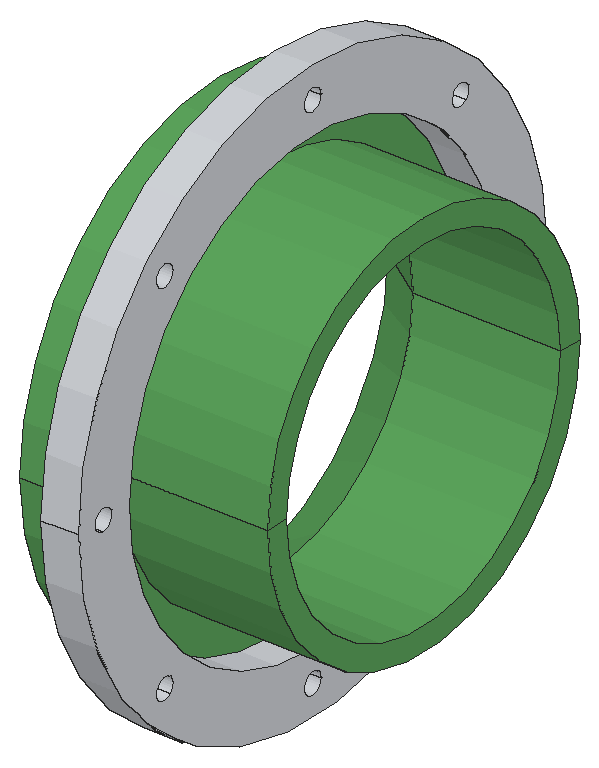
Revit family "Aquatherm_Соединительная втулка с фланцем PN6_2", category Соединительные детали трубопроводов, Revit 2019
Family settings
  Размер круглого соединителя = Использовать диаметр
  Тип детали = Соединение
  На основе рабочей плоскости = Нет
  Всегда вертикально = Да
  При загрузке вырезать с полостями = Нет
  Общий = Нет
Parameters (values of type "SDR 11")
  Материал_Фланец = AquaTherm сталь pipe
  Материал_Корпус = AquaTherm green pipe
  n [instance] = N / 1 mm  # 8
  l1 [instance] = size_lookup("Соединительная втулка с фланцем PN6_2", "l1", l + 5 mm, d)  # 24 mm
  d2 [instance] = D - 2 mm * 14  # 347 mm
  d1 [instance] = size_lookup("Соединительная втулка с фланцем PN6_2", "d1", D + 30 mm, d)  # 335 mm
  URL = "www.agpipe.ru"
  SDR = 11 mm
  N [instance] = size_lookup("Соединительная втулка с фланцем PN6_2", "N", 4 mm, d)  # 8 mm
  L [instance] = size_lookup("Соединительная втулка с фланцем PN6_2", "L", 50 mm, d)  # 130 mm
  D [instance] = size_lookup("Соединительная втулка с фланцем PN6_2", "D", d * 2, d)  # 375 mm
  l [instance] = size_lookup("Соединительная втулка с фланцем PN6_2", "l", 15 mm, d)  # 35 mm
  d [instance] = 250 mm
  ADSK_Примечание = ""
  ADSK_Позиция [instance] = ""
  ADSK_Обозначение = ""
  ADSK_Наименование [instance] = size_lookup("Соединительная втулка с фланцем PN6_2", "ADSK_Наименование", "Нет в каталоге", d)  # "Соединительная втулка с фланцем  PN6 DN250"
  ADSK_Масса_Текст [instance] = size_lookup("Соединительная втулка с фланцем PN6_2", "ADSK_Масса_Текст", "Нет в каталоге", d)  # "9.5"
  ADSK_Код изделия [instance] = size_lookup("Соединительная втулка с фланцем PN6_2", "ADSK_Код изделия", "Нет в каталоге", d)  # "15039"
  ADSK_Завод-изготовитель = "Aquatherm"  # constant formula
  ADSK_Единица измерения = "шт."  # constant formula
Reference planes
  plane 1 "По центру (Вперед/Назад)": y = 0
  plane 2: z = 0
  plane 3 "По центру (Влево/Вправо)": x = 0
  plane 4: x = -65
  plane 5: x = 65
  plane 6: x = -30
  plane 7: x = -6
  plane 8: y = 125
  plane 9: y = -125
  plane 10: y = 173.5
  plane 11: y = -173.5
Forms (mm)
  Revolve 1, solid, material "AquaTherm green pipe" <- "Материал_Корпус"
    sketch origin (0, 0, 0) x (1, 0, 0) y (0, 1, 0)
      loop
        line (-30, 110) -> (65, 110) -> (65, 125) -> (-30, 125) -> (-30, 160.5) -> (-65, 160.5) -> (-65, 134.175) -> (-30, 110)
      axis (-65, 0) -> (65, 0)
    angle from 0 to 360
Lines and regions (mm)
  reference lines
    curve 1: line (-65, 0, 0) -> (65, 0, 0)
Dimensions and locks
  equal spacing: plane 4, plane 3 "По центру (Влево/Вправо)", plane 5
  "L": plane 4 to plane 5
  "l": plane 4 to plane 6
  "l1": plane 6 to plane 7
  equal spacing: plane 11, plane 1 "По центру (Вперед/Назад)", plane 10
  "d2": plane 11 to plane 10
  equal spacing: plane 8, plane 1 "По центру (Вперед/Назад)", plane 9
  "d": plane 8 to plane 9
  locked: Revolve 1 sketch curve to plane 10 at 13
  locked: Revolve 1 sketch curve to plane 8 at 15
  locked: Revolve 1 sketch curve to plane 10 at 39.325
  aligned and locked: level to plane 2
  aligned and locked: plane 6 to nested 1
  aligned and locked: plane 5 to Revolve 1 sketch curve
  aligned and locked: Revolve 1 sketch curve to plane 4
  aligned and locked: plane 1 "По центру (Вперед/Назад)" to Revolve 1 sketch curve
  aligned and locked: plane 5 to curve 1
  aligned and locked: plane 4 to curve 1
  aligned and locked: plane 8 to Revolve 1 sketch curve
Automatic sketch dimensions
  plane 1 "По центру (Вперед/Назад)" to curve 1 = 0 mm
  Revolve 1 sketch curve to plane 6 = 0 mm  (x2)
  Revolve 1 sketch curve to plane 4 = 45 mm
  plane 5 to Revolve 1 sketch curve = 84.5 mm
Nested families
  nested 1: "Семейство1" at (-18, 0, 0), l <- "l1", d1 <- "d1", D <- "D", n <- "n", Материал_Фланец <- "Материал_Фланец", type "Семейство1"
    with Материал_Фланец AquaTherm сталь pipe, r1 167.5 mm, n 8, l 24 mm, d3 14 mm, d2 295 mm, d1 335 mm, D 375 mm
Connectors
  piping at (-65, 0, 0), diameter 250, driven by "d"
    settings: on curve 1, index 1, connector inside diameter 609.6 mm, connector length 0 mm, flow factor 0, pipe flow 0.0 L/s, pressure drop 0.0 Pa, fitting loss kfactor 0, connector angle 0.00°, fixture units 0, engagement length 0 mm, angle of deflection 0.00°, flow configuration 0, flow direction 0, fitting loss method 0, system type 28, joint type 0, gender type 0, connector reference index 2, connector utility 0, adjustable connector no, is connector primary yes, connector description ""
  piping at (65, 0, 0), diameter 250, driven by "d"
    settings: on curve 1, index 2, connector inside diameter 609.6 mm, connector length 0 mm, flow factor 0, pipe flow 0.0 L/s, pressure drop 0.0 Pa, fitting loss kfactor 0, connector angle 0.00°, fixture units 0, engagement length 0 mm, angle of deflection 0.00°, flow configuration 0, flow direction 0, fitting loss method 0, system type 28, joint type 0, gender type 0, connector reference index 1, connector utility 0, adjustable connector no, is connector primary no, connector description ""
Definition of nested family "Семейство1"
  Parameters (values of type "Семейство1")
    Материал_Фланец [instance] = none
    r1 [instance] = d1 / 2  # 100 mm
    n [instance] = 8
    l [instance] = 55 mm
    d3 [instance] = 14 mm  # constant formula
    d2 [instance] = D - 2 * (D - d1)  # 160 mm
    d1 [instance] = 200 mm
    D [instance] = 240 mm
  Reference planes
    plane 1 "По центру (Вперед/Назад)": y = 0
    plane 2: z = 0
    plane 3 "По центру (Влево/Вправо)": x = 0
    plane 4: x = -27.5
    plane 5: x = 27.5
  Forms (mm)
    Extrusion 1, solid, material <- "Материал_Фланец"
      sketch origin (0, 0, 0) x (0, 1, 0) y (0, 0, 1)
        loop
          circle (0, 0) r 120
        loop
          circle (0, 0) r 80
      from -27.5 to 27.5
    Extrusion 2, void
      sketch origin (21.5, 0, 62.5) x (0, 1, 0) y (0, 0, 1)
        loop
          circle (0, 37.5) r 7
      from -817.124 to 1008.5
    Extrusion 3, void
      sketch origin (21.5, 44.194, 44.194) x (0, 0.707107, -0.707107) y (0, 0.707107, 0.707107)
        loop
          circle (0, 37.5) r 7
      from -817.124 to 1008.5
    Extrusion 4, void
      sketch origin (21.5, 62.5, 0) x (0, 0, -1) y (0, 1, 0)
        loop
          circle (0, 37.5) r 7
      from -817.124 to 1008.5
    Extrusion 5, void
      sketch origin (21.5, 44.194, -44.194) x (0, -0.707107, -0.707107) y (0, 0.707107, -0.707107)
        loop
          circle (0, 37.5) r 7
      from -817.124 to 1008.5
    Extrusion 6, void
      sketch origin (21.5, 0, -62.5) x (0, -1, 0) y (0, 0, -1)
        loop
          circle (0, 37.5) r 7
      from -817.124 to 1008.5
    Extrusion 7, void
      sketch origin (21.5, -44.194, -44.194) x (0, -0.707107, 0.707107) y (0, -0.707107, -0.707107)
        loop
          circle (0, 37.5) r 7
      from -817.124 to 1008.5
    Extrusion 8, void
      sketch origin (21.5, -62.5, 0) x (0, 0, 1) y (0, -1, 0)
        loop
          circle (0, 37.5) r 7
      from -817.124 to 1008.5
    Extrusion 9, void
      sketch origin (21.5, -44.194, 44.194) x (0, 0.707107, 0.707107) y (0, -0.707107, 0.707107)
        loop
          circle (0, 37.5) r 7
      from -817.124 to 1008.5
  Cuts and joins
    Extrusion 2, Extrusion 3, Extrusion 4, Extrusion 5, Extrusion 6, Extrusion 7, Extrusion 8, Extrusion 9 cuts Extrusion 1
  Dimensions and locks
    equal spacing: plane 4, plane 3 "По центру (Влево/Вправо)", plane 5
    "l": plane 4 to plane 5
    "D": diameter of Extrusion 1 sketch curve
    "d2": diameter of Extrusion 1 sketch curve
    "d3": diameter of Extrusion 2 sketch curve
    "d3": diameter of Extrusion 3 sketch curve
    "d3": diameter of Extrusion 4 sketch curve
    "d1": diameter of radial array
    "d3": diameter of Extrusion 5 sketch curve
    "d3": diameter of Extrusion 6 sketch curve
    "d3": diameter of Extrusion 7 sketch curve
    "d3": diameter of Extrusion 8 sketch curve
    "d3": diameter of Extrusion 9 sketch curve
    aligned and locked: level to plane 2
    aligned and locked: cut or joined group 1 (Extrusion 1, Extrusion 2, Extrusion 3, Extrusion 4, Extrusion 5, Extrusion 6, Extrusion 7, Extrusion 8, Extrusion 9) to plane 4
    aligned and locked: cut or joined group 1 to plane 5
  Automatic sketch dimensions
    Extrusion 1 sketch curve to Extrusion 1 sketch curve = 0 mm  (x2)
    Extrusion 1 sketch curve to level = 0 mm
    Extrusion 1 sketch curve to plane 1 "По центру (Вперед/Назад)" = 0 mm
